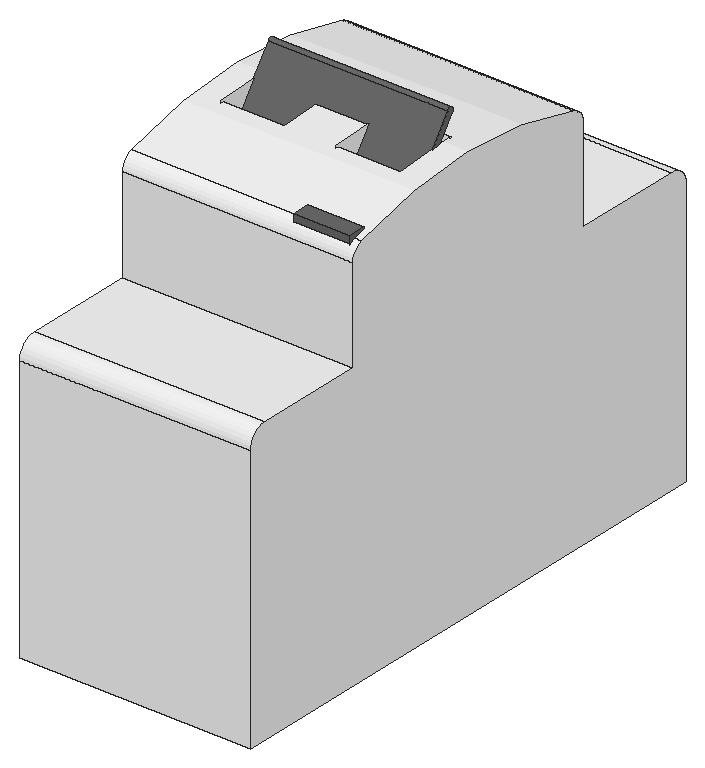
Revit family "Power-ModularDevices-GEWISS-90RCD-MDC45_1PN", category Apparecchi elettrici, host Superficie, Revit 2016
Family settings
  Host = Superficie
  Mantenere orientamento annotazione = Sì
  Tipo di parte = Normale
  Quota connettore circolare = Usa diametro
  Numero OmniClass = 23.80.30.14
  Titolo OmniClass = Power Distribution
  Taglio con vuoti quando caricato = No
  Condiviso = Sì
  Punto di calcolo locali = Sì
Parameters (values of type "GW94220 - COMPACT RCBO 1P+N C32 4.5KA A/0.3 2M")
  Vista di pianta [instance] = yes
  Voltaggio = 230 V
  Version file RFA = "19.0"
  URL = "https://www.gewiss.com/ww/en"
  Type: = "A"
  Type = "A"
  Technical sheet = "https://www.gewiss.com/ww/en/search?q=GW94220"
  Stocking temperature = "-40 +70 °C"
  Standard; = "IEC/EN 61009-1, IEC/EN 61009-2-1"
  Standard = "EN 61009-1"
  Spessore = 150 mm
  Simbolo [instance] = yes
  Section rigid cable = "<=1x35 - <=2x16 - <=1x16+2x10 mm²"
  Section flexible cable = "<=1x35 - <=2x16 - <=1x16+2x10 mm²"
  SEO = "RCCB"
  Realized by GEWISS S.p.A. = ""
  ReStart compatibility = "Yes"
  Rated voltage (EN/IEC 61009-1, 61009-2-1) = "230/240 V"
  Rated voltage = "230V"
  Rated tightening torque = "2 Nm"
  Rated residual operating current = "300 mA"
  Rated insulation voltage (Ui) = "500V"
  Rated impulse withstand voltage = "4KV"
  Rated frequency (Hz) = "50/60 Hz"
  Rated current: = "32A"
  Rated current (In) = "32A"
  Default Elevation = 1219.2 mm
  Produttore = "GEWISS S.p.A."
  Precision = "300 mA"
  Parti incassate = yes
  Overvoltage category = "III"
  Operating temperature = "-25 +40 °C"
  Numero di poli_ = 2
  Number of poles = "1P+N"
  No. of poles = "1P+N"
  No. of modules EN 50022 = "2"
  No. modules = "2"
  Modello = "GW94220"
  Mechanical endurance = "20.000"
  Level of immunity (8/20 Âµs) = "250A"
  Larghezza = 36 mm  # constant formula
  Label = "MDC 45"
  Interuttore = GW - grigio scuro
  Insulation voltage = "500V"
  Immagine tipo = GW94006.jpg
  Idn = "300MA"
  IFC.TypeObject = ""
  IFC.ExportType = ""
  IFC.ExportAs = ""
  IDT = "0516166c-3e97-4141-ac00-fa2d670c4de4"
  IDF = "163920cf-dc9f-4a20-a3cd-6b2e726b1a00"
  Finitura = GW - grigio chiaro
  Electrocod = "1413"
  Electrical endurance = "10000"
  EAN code = "8011564060449"
  Double connection = "YES (only down stream)"
  Distanza orizzontale del simbolo [instance] = 0 mm
  Distanza dal piano [instance] = 3 mm
  Distanza dal muro [instance] = 4.208 mm
  Descrizione = "COMPACT RCBO 1P+N C32 4.5KA A/0.3 2M"
  Description = "RCCB WITH OVERCURRENT PROTECTION"
  Curve = "C"
  Cornice simbolo [instance] = yes
  Catalogue Range = "90 RCD"
  Catalogue = "POWER"
  Carico apparente = 0 VA
  COBie.Tagnumber = ""
  COBie.CreatedOn = ""
  COBie.CreatebBy = ""
  COBie.ComponentRegisterItemID = ""
  COBie.Component.TagNumber = ""
  COBie.Component.Space = ""
  COBie.Component.SerialNumber = ""
  COBie.Component.InstallationDate = ""
  COBie.Component.Description = ""
  COBie.Component.BarCode = ""
  Breaking capacity EN 61009-1 230V (Icn) = "4500A"
  Breaking capacity EN 61009-1 (Ics) = "1 x Icn"
  Breaking capacity EN 60947-2 230V (Icu) = "6KA"
  Breaking capacity EN 60947-2 (Ics) = "100% Icu"
  Auxiliaries compatibility = "Yes"
  Assembly position: = "Any"
  Altezza = 85 mm
Values of the unnamed type that differ from the named types
  Version file RFA = ""
  Stocking temperature = ""
  Standard; = ""
  Standard = ""
  Section rigid cable = ""
  Section flexible cable = ""
  SEO = ""
  ReStart compatibility = ""
  Rated voltage (EN/IEC 61009-1, 61009-2-1) = ""
  Rated voltage = ""
  Rated tightening torque = ""
  Rated insulation voltage (Ui) = ""
  Rated impulse withstand voltage = ""
  Rated frequency (Hz) = ""
  Overvoltage category = ""
  Operating temperature = ""
  Number of poles = ""
  No. of poles = ""
  No. of modules EN 50022 = ""
  No. modules = ""
  Mechanical endurance = ""
  Level of immunity (8/20 Âµs) = ""
  Label = ""
  Insulation voltage = ""
  IDF = ""
  Electrocod = ""
  Electrical endurance = ""
  Double connection = ""
  Description = ""
  Curve = ""
  Catalogue Range = ""
  Catalogue = ""
  Breaking capacity EN 61009-1 230V (Icn) = ""
  Breaking capacity EN 61009-1 (Ics) = ""
  Breaking capacity EN 60947-2 230V (Icu) = ""
  Breaking capacity EN 60947-2 (Ics) = ""
  Auxiliaries compatibility = ""
  Assembly position: = ""
Reference planes
  plane 1 "Centro (Fronte/Retro)": y = 0
  plane 2: z = 0
  plane 3 "Centro (Sinistra/Destra)": x = 0
  plane 4: x = -18
  plane 5: x = 18
  plane 6: y = 42.5
  plane 7: y = -42.5
  plane 8: z = 60
  plane 9 "fori": z = -7
  plane 10: x = 4
  plane 11: x = -4
  plane 12 "scritta": z = 11.951
  plane 13: z = 76.771
  plane 14: y = -24.168
  plane 15: y = -19.765
  plane 16: x = -13.969
  plane 17: x = -5.87
  plane 18: x = 16.787
  plane 19: x = 8.031
  plane 20: z = -51.441
  plane 21: z = 1.622
  plane 22: z = 8.951
  plane 23: z = 14.352
  plane 24: through (0, -3.625, 76.111) normal (0, -0.809, 0.5878)
  plane 25: y = -8.226
  plane 26: y = 1.53
  plane 27: y = -22.5
  plane 28: y = 22.5
  plane 29: x = 14.016
  plane 30: z = 10.64
  plane 31: x = 0
  plane 32: z = -10
Forms (mm)
  Extrusion 1, solid, material "GW - grigio chiaro" <- "Finitura"
    sketch origin (0, 0, 15.559) x (0, 1, 0) y (0, 0, 1)
      loop
        line (39.866, -22.559) -> (22.5, -22.559) -> (22.5, -7.841)
        arc (22.5, -7.841) -> (21.957, -6.404) -> (20.702, -5.517) r 2.623
        arc (20.702, -5.517) -> (-0.001, -2.199) -> (-20.704, -5.517) r 66.237
        arc (-20.704, -5.517) -> (-21.952, -6.396) -> (-22.5, -7.82) r 2.623
        line (-22.5, -7.82) -> (-22.5, -22.559) -> (-39.676, -22.559)
        arc (-39.676, -22.559) -> (-41.673, -23.386) -> (-42.5, -25.383) r 2.824
        line (-42.5, -25.383) -> (-42.5, -67) -> (42.5, -67) -> (42.5, -25.193)
        arc (42.5, -25.193) -> (41.728, -23.33) -> (39.866, -22.559) r 2.634
    from -18 to 18
  Extrusion 2, solid, material "GW - grigio scuro" <- "Interuttore"
    sketch origin (0, 0, 11.951) x (0, -1, 0) y (1, 0, 0)
      loop
        line (21.557, 8.031) -> (21.557, 16.787) -> (18.792, 16.787) -> (18.792, 8.031) -> (21.557, 8.031)
    from -3 to -1.31
  Extrusion 3, void
    sketch origin (0, 0, 11.951) x (0, -1, 0) y (1, 0, 0)
      loop
        line (8.226, -13.969) -> (8.226, -4) -> (-1.53, -4) -> (-1.53, -13.969) -> (8.226, -13.969)
      loop
        line (8.226, 4) -> (8.226, 14.016) -> (-1.53, 14.016) -> (-1.53, 4) -> (8.226, 4)
    from -3 to 2.401
  Extrusion 4, solid, material "GW - grigio scuro" <- "Interuttore"
    sketch origin (0, 0, -67) x (0, 1, 0) y (0, 0, 1)
      loop
        line (-3.741, 75.951) -> (1.868, 83.671)
        arc (1.868, 83.671) -> (1.773, 84.475) -> (0.978, 84.317) r 0.552
        line (0.978, 84.317) -> (-5.101, 75.951) -> (-3.741, 75.951)
    from -13.969 to 14.016
  Extrusion 5, solid, material "GW - grigio scuro" <- "Interuttore", not visible
    sketch origin (-4.72, 0, 0) x (0, 1, 0) y (0, 0, 1)
      loop
        line (-3.741, 75.951) -> (1.868, 83.671)
        arc (1.868, 83.671) -> (1.773, 84.475) -> (0.978, 84.317) r 0.552
        line (0.978, 84.317) -> (-5.101, 75.951) -> (-3.741, 75.951)
    from -13.969 to 14.016
Cuts and joins
  Extrusion 3 cuts Extrusion 1
Lines and regions (mm)
  Masking region 1, visible <- "Vista di pianta"
    outline origin (0, 0, 0) x (1, 0, 0) y (0, 0, 1)
      loop
        line (-18, 14.352) -> (-18, -51.441) -> (18, -51.441) -> (18, 14.352) -> (-18, 14.352)
  Masking region 2
    outline origin (0, 0, 0) x (0, 1, 0) y (0, 0, 1)
      loop
        line (42.5, -51.441) -> (42.5, -9.634)
        arc (42.5, -9.634) -> (41.728, -7.772) -> (39.866, -7) r 2.634
        line (39.866, -7) -> (22.5, -7) -> (22.5, 7.718)
        arc (22.5, 7.718) -> (21.957, 9.155) -> (20.702, 10.041) r 2.623
        arc (20.702, 10.041) -> (-0.001, 13.36) -> (-20.704, 10.041) r 66.237
        arc (-20.704, 10.041) -> (-21.952, 9.163) -> (-22.5, 7.738) r 2.623
        line (-22.5, 7.738) -> (-22.5, -7) -> (-39.676, -7)
        arc (-39.676, -7) -> (-41.673, -7.827) -> (-42.5, -9.824) r 2.824
        line (-42.5, -9.824) -> (-42.5, -51.441) -> (42.5, -51.441)
  model lines, not visible, detail levels medium+fine
    curve 1: circle (9, -31.836, -0.654) r 2.5 normal (0, 0, -1)
    curve 2: circle (-9, -31.836, -0.654) r 2.5 normal (0, 0, -1)
  model lines, detail levels medium+fine
    curve 3: circle (9, 33.75, -7) r 2.5 normal (0, 0, -1)
    curve 4: circle (-9, 33.75, -7) r 2.5 normal (0, 0, -1)
    curve 287: circle (9, -33.75, -7) r 2.5 normal (0, 0, 1)
    curve 288: circle (-9, -33.75, -7) r 2.5 normal (0, 0, 1)
  symbolic lines, style "GW - SCRITTA", detail levels fine
    curve 5: arc (-15.165, -21.823, 11.951) -> (-17.595, -19.39, 11.951) -> (-15.161, -16.962, 11.951) r 2.43
    curve 6: arc (2.833, -21.823, 11.951) -> (4.397, -20.632, 11.951) -> (4.872, -18.725, 11.951) r 2.964
    curve 7: arc (2.546, -16.962, 11.951) -> (3.73, -17.451, 11.951) -> (4.69, -18.298, 11.951) r 3.884
    curve 12: line (-14.125, -18.725, 11.951) -> (-14.125, -21.823, 11.951)
    curve 13: line (-14.125, -16.962, 11.951) -> (-14.125, -18.298, 11.951)
    curve 14: line (-14.125, -18.298, 11.951) -> (-15.887, -18.298, 11.951)
    curve 15: line (-15.887, -18.298, 11.951) -> (-15.887, -20.487, 11.951)
    curve 16: line (-15.458, -20.487, 11.951) -> (-15.458, -18.725, 11.951)
    curve 17: line (-15.458, -18.725, 11.951) -> (-14.125, -18.725, 11.951)
    curve 18: line (-9.932, -21.823, 11.951) -> (-13.697, -21.823, 11.951)
    curve 19: line (-13.697, -21.823, 11.951) -> (-13.697, -16.962, 11.951)
    curve 20: line (-13.697, -16.962, 11.951) -> (-11.694, -16.962, 11.951)
    curve 21: line (-11.694, -16.962, 11.951) -> (-11.694, -18.297, 11.951)
    curve 22: line (-12.363, -18.724, 11.951) -> (-9.932, -18.724, 11.951)
    curve 23: line (-9.932, -18.724, 11.951) -> (-9.932, -20.06, 11.951)
    curve 24: line (-9.932, -20.06, 11.951) -> (-12.362, -20.06, 11.951)
    curve 25: line (-12.362, -20.487, 11.951) -> (-9.932, -20.487, 11.951)
    curve 26: line (-9.932, -20.487, 11.951) -> (-9.932, -21.823, 11.951)
    curve 27: line (-3.122, -21.823, 11.951) -> (-3.122, -18.725, 11.951)
    curve 28: line (-3.122, -18.725, 11.951) -> (-4.457, -18.725, 11.951)
    curve 29: line (-4.457, -18.725, 11.951) -> (-4.457, -21.823, 11.951)
    curve 30: line (-4.457, -21.823, 11.951) -> (-3.122, -21.823, 11.951)
    curve 31: line (-7.595, -21.823, 11.951) -> (-7.195, -19.82, 11.951)
    curve 32: line (-7.195, -19.82, 11.951) -> (-6.794, -21.823, 11.951)
    curve 33: line (-6.794, -21.823, 11.951) -> (-5.459, -21.823, 11.951)
    curve 34: line (-5.459, -21.823, 11.951) -> (-4.631, -18.298, 11.951)
    curve 35: line (-4.631, -18.298, 11.951) -> (-3.122, -18.298, 11.951)
    curve 36: line (-3.122, -18.298, 11.951) -> (-3.122, -16.962, 11.951)
    curve 37: line (-3.122, -16.962, 11.951) -> (-5.686, -16.962, 11.951)
    curve 38: line (-5.686, -16.962, 11.951) -> (-6.166, -19.018, 11.951)
    curve 39: line (-6.166, -19.018, 11.951) -> (-6.5, -16.962, 11.951)
    curve 40: line (-6.5, -16.962, 11.951) -> (-7.889, -16.962, 11.951)
    curve 41: line (-7.889, -16.962, 11.951) -> (-8.223, -19.018, 11.951)
    curve 42: line (-8.223, -19.018, 11.951) -> (-8.703, -16.962, 11.951)
    curve 43: line (-8.703, -16.962, 11.951) -> (-11.267, -16.962, 11.951)
    curve 44: line (-11.267, -16.962, 11.951) -> (-11.267, -18.298, 11.951)
    curve 45: line (-11.267, -18.298, 11.951) -> (-9.758, -18.298, 11.951)
    curve 46: line (-9.758, -18.298, 11.951) -> (-8.932, -21.823, 11.951)
    curve 47: line (-8.932, -21.823, 11.951) -> (-7.595, -21.823, 11.951)
    curve 48: line (1.071, -16.962, 11.951) -> (-2.695, -16.962, 11.951)
    curve 49: line (-2.695, -16.962, 11.951) -> (-2.695, -20.06, 11.951)
    curve 50: line (-2.695, -20.06, 11.951) -> (-0.265, -20.06, 11.951)
    curve 51: line (-0.265, -20.487, 11.951) -> (-2.695, -20.487, 11.951)
    curve 52: line (-2.695, -20.487, 11.951) -> (-2.695, -21.823, 11.951)
    curve 53: line (-2.695, -21.823, 11.951) -> (1.071, -21.823, 11.951)
    curve 54: line (1.071, -21.823, 11.951) -> (1.071, -18.725, 11.951)
    curve 55: line (1.071, -18.725, 11.951) -> (-1.359, -18.725, 11.951)
    curve 56: line (-1.359, -18.298, 11.951) -> (1.071, -18.298, 11.951)
    curve 57: line (1.071, -18.298, 11.951) -> (1.071, -16.962, 11.951)
    curve 58: line (1.498, -16.962, 11.951) -> (1.498, -20.06, 11.951)
    curve 59: line (1.498, -20.06, 11.951) -> (3.764, -20.06, 11.951)
    curve 60: line (3.764, -20.487, 11.951) -> (1.498, -20.487, 11.951)
    curve 61: line (1.498, -20.487, 11.951) -> (1.498, -21.823, 11.951)
    curve 62: line (1.498, -21.823, 11.951) -> (2.833, -21.823, 11.951)
    curve 135: line (-15.161, -16.962, 11.951) -> (-14.125, -16.962, 11.951)
    curve 136: line (-15.165, -21.823, 11.951) -> (-14.125, -21.823, 11.951)
    curve 137: line (-15.887, -20.487, 11.951) -> (-15.458, -20.487, 11.951)
    curve 138: line (-11.694, -18.297, 11.951) -> (-12.363, -18.297, 11.951)
    curve 139: line (-12.363, -18.724, 11.951) -> (-12.363, -18.297, 11.951)
    curve 140: line (-12.362, -20.487, 11.951) -> (-12.362, -20.06, 11.951)
    curve 141: line (-1.359, -18.725, 11.951) -> (-1.359, -18.298, 11.951)
    curve 142: line (-0.265, -20.06, 11.951) -> (-0.265, -20.487, 11.951)
    curve 143: line (1.498, -16.962, 11.951) -> (2.546, -16.962, 11.951)
  symbolic lines, style "GW - SCRITTA", detail levels medium+fine
    curve 8: line (8.031, -21.557, 11.951) -> (8.031, -18.792, 11.951)
    curve 9: line (8.031, -18.792, 11.951) -> (16.787, -18.792, 11.951)
    curve 10: line (16.787, -18.792, 11.951) -> (16.787, -21.557, 11.951)
    curve 11: line (16.787, -21.557, 11.951) -> (8.031, -21.557, 11.951)
    curve 67: line (-17.749, 1.53, 11.951) -> (17.796, 1.53, 11.951)
    curve 68: line (-13.969, -8.226, 11.951) -> (-13.969, 1.53, 11.951)
    curve 69: line (-3.984, -2.97, 11.951) -> (-13.969, -2.97, 11.951)
    curve 70: line (-3.984, -4.97, 11.951) -> (-13.969, -4.97, 11.951)
    curve 71: line (-3.984, 1.53, 11.951) -> (-3.984, -8.226, 11.951)
    curve 73: line (4.031, -8.226, 11.951) -> (4.031, 1.53, 11.951)
    curve 75: line (14.016, -2.97, 11.951) -> (4.031, -2.97, 11.951)
    curve 76: line (14.016, -4.97, 11.951) -> (4.031, -4.97, 11.951)
    curve 77: line (14.016, 1.53, 11.951) -> (14.016, -8.226, 11.951)
  symbolic lines, style "PLANIMETRIA", detail levels fine
    curve 63: line (4.872, -18.725, 11.951) -> (2.833, -18.725, 11.951)
    curve 64: line (2.833, -18.298, 11.951) -> (4.69, -18.298, 11.951)
  symbolic lines, style "GW - SCRITTA"
    curve 65: line (-18, 22.5, 11.951) -> (18, 22.5, 11.951)
    curve 66: line (-18, -13.226, 11.951) -> (18, -13.226, 11.951)
    curve 74: line (-18, -8.226, 11.951) -> (18, -8.226, 11.951)
    curve 130: line (-18, 11.03, 11.951) -> (18, 11.03, 11.951)
  symbolic lines, style "PLANIMETRIA"
    curve 72: line (-18, -22.5, 11.951) -> (18, -22.5, 11.951)
    curve 132: line (-18, 22.5, 11.951) -> (-18, -22.5, 11.951)
    curve 133: line (18, -22.5, 11.951) -> (18, 22.5, 11.951)
  symbolic lines, style "GW - SCRITTA", visible <- "Parti incassate"
    curve 78: line (18, -42.5, 11.951) -> (18, -22.5, 11.951)
    curve 79: line (18, 42.5, 11.951) -> (-18, 42.5, 11.951)
    curve 80: line (-18, 42.5, 11.951) -> (-18, 22.5, 11.951)
    curve 81: line (-18, -42.5, 11.951) -> (18, -42.5, 11.951)
    curve 131: line (18, 22.5, 11.951) -> (18, 42.5, 11.951)
    curve 134: line (-18, -22.5, 11.951) -> (-18, -42.5, 11.951)
  symbolic lines, style "GW - SCRITTA", visible <- "Parti incassate", detail levels fine
    curve 82: line (-9, 31.163, 11.951) -> (-10.293, 31.51, 11.951)
    curve 83: line (-10.293, 31.51, 11.951) -> (-11.24, 32.457, 11.951)
    curve 84: line (-11.24, 32.457, 11.951) -> (-11.587, 33.75, 11.951)
    curve 85: line (-11.587, 33.75, 11.951) -> (-11.24, 35.043, 11.951)
    curve 86: line (-11.24, 35.043, 11.951) -> (-10.293, 35.99, 11.951)
    curve 87: line (-10.293, 35.99, 11.951) -> (-9, 36.337, 11.951)
    curve 88: line (-9, 36.337, 11.951) -> (-7.707, 35.99, 11.951)
    curve 89: line (-7.707, 35.99, 11.951) -> (-6.76, 35.043, 11.951)
    curve 90: line (-6.76, 35.043, 11.951) -> (-6.413, 33.75, 11.951)
    curve 91: line (-6.413, 33.75, 11.951) -> (-6.76, 32.457, 11.951)
    curve 92: line (-6.76, 32.457, 11.951) -> (-7.707, 31.51, 11.951)
    curve 93: line (-7.707, 31.51, 11.951) -> (-9, 31.163, 11.951)
    curve 94: line (-9, -36.337, 11.951) -> (-10.293, -35.99, 11.951)
    curve 95: line (-10.293, -35.99, 11.951) -> (-11.24, -35.043, 11.951)
    curve 96: line (-11.24, -35.043, 11.951) -> (-11.587, -33.75, 11.951)
    curve 97: line (-11.587, -33.75, 11.951) -> (-11.24, -32.457, 11.951)
    curve 98: line (-11.24, -32.457, 11.951) -> (-10.293, -31.51, 11.951)
    curve 99: line (-10.293, -31.51, 11.951) -> (-9, -31.163, 11.951)
    curve 100: line (-9, -31.163, 11.951) -> (-7.707, -31.51, 11.951)
    curve 101: line (-7.707, -31.51, 11.951) -> (-6.76, -32.457, 11.951)
    curve 102: line (-6.76, -32.457, 11.951) -> (-6.413, -33.75, 11.951)
    curve 103: line (-6.413, -33.75, 11.951) -> (-6.76, -35.043, 11.951)
    curve 104: line (-6.76, -35.043, 11.951) -> (-7.707, -35.99, 11.951)
    curve 105: line (-7.707, -35.99, 11.951) -> (-9, -36.337, 11.951)
    curve 106: line (9, 31.163, 11.951) -> (10.293, 31.51, 11.951)
    curve 107: line (10.293, 31.51, 11.951) -> (11.24, 32.457, 11.951)
    curve 108: line (11.24, 32.457, 11.951) -> (11.587, 33.75, 11.951)
    curve 109: line (11.587, 33.75, 11.951) -> (11.24, 35.043, 11.951)
    curve 110: line (11.24, 35.043, 11.951) -> (10.293, 35.99, 11.951)
    curve 111: line (10.293, 35.99, 11.951) -> (9, 36.337, 11.951)
    curve 112: line (9, 36.337, 11.951) -> (7.707, 35.99, 11.951)
    curve 113: line (7.707, 35.99, 11.951) -> (6.76, 35.043, 11.951)
    curve 114: line (6.76, 35.043, 11.951) -> (6.413, 33.75, 11.951)
    curve 115: line (6.413, 33.75, 11.951) -> (6.76, 32.457, 11.951)
    curve 116: line (6.76, 32.457, 11.951) -> (7.707, 31.51, 11.951)
    curve 117: line (7.707, 31.51, 11.951) -> (9, 31.163, 11.951)
    curve 118: line (9, -36.337, 11.951) -> (10.293, -35.99, 11.951)
    curve 119: line (10.293, -35.99, 11.951) -> (11.24, -35.043, 11.951)
    curve 120: line (11.24, -35.043, 11.951) -> (11.587, -33.75, 11.951)
    curve 121: line (11.587, -33.75, 11.951) -> (11.24, -32.457, 11.951)
    curve 122: line (11.24, -32.457, 11.951) -> (10.293, -31.51, 11.951)
    curve 123: line (10.293, -31.51, 11.951) -> (9, -31.163, 11.951)
    curve 124: line (9, -31.163, 11.951) -> (7.707, -31.51, 11.951)
    curve 125: line (7.707, -31.51, 11.951) -> (6.76, -32.457, 11.951)
    curve 126: line (6.76, -32.457, 11.951) -> (6.413, -33.75, 11.951)
    curve 127: line (6.413, -33.75, 11.951) -> (6.76, -35.043, 11.951)
    curve 128: line (6.76, -35.043, 11.951) -> (7.707, -35.99, 11.951)
    curve 129: line (7.707, -35.99, 11.951) -> (9, -36.337, 11.951)
  symbolic lines, style "InvisibleLines", detail levels fine
    curve 144: line (2.833, -18.298, 11.951) -> (2.833, -18.725, 11.951)
    curve 145: line (3.764, -20.06, 11.951) -> (3.764, -20.487, 11.951)
  symbolic lines, style "GW - SCRITTA", not visible, detail levels fine
    curve 146: arc (84.635, 64.706, 11.951) -> (82.205, 67.138, 11.951) -> (84.639, 69.566, 11.951) r 2.43
    curve 147: arc (102.633, 64.706, 11.951) -> (104.197, 65.897, 11.951) -> (104.672, 67.804, 11.951) r 2.964
    curve 148: arc (102.346, 69.566, 11.951) -> (103.53, 69.078, 11.951) -> (104.49, 68.231, 11.951) r 3.884
    curve 153: line (85.675, 67.804, 11.951) -> (85.675, 64.706, 11.951)
    curve 154: line (85.675, 69.566, 11.951) -> (85.675, 68.231, 11.951)
    curve 155: line (85.675, 68.231, 11.951) -> (83.913, 68.231, 11.951)
    curve 156: line (83.913, 68.231, 11.951) -> (83.913, 66.041, 11.951)
    curve 157: line (84.342, 66.041, 11.951) -> (84.342, 67.804, 11.951)
    curve 158: line (84.342, 67.804, 11.951) -> (85.675, 67.804, 11.951)
    curve 159: line (89.868, 64.706, 11.951) -> (86.103, 64.706, 11.951)
    curve 160: line (86.103, 64.706, 11.951) -> (86.103, 69.566, 11.951)
    curve 161: line (86.103, 69.566, 11.951) -> (88.106, 69.566, 11.951)
    curve 162: line (88.106, 69.566, 11.951) -> (88.106, 68.231, 11.951)
    curve 163: line (87.437, 67.804, 11.951) -> (89.868, 67.804, 11.951)
    curve 164: line (89.868, 67.804, 11.951) -> (89.868, 66.468, 11.951)
    curve 165: line (89.868, 66.468, 11.951) -> (87.438, 66.468, 11.951)
    curve 166: line (87.438, 66.041, 11.951) -> (89.868, 66.041, 11.951)
    curve 167: line (89.868, 66.041, 11.951) -> (89.868, 64.706, 11.951)
    curve 168: line (96.678, 64.706, 11.951) -> (96.678, 67.804, 11.951)
    curve 169: line (96.678, 67.804, 11.951) -> (95.343, 67.804, 11.951)
    curve 170: line (95.343, 67.804, 11.951) -> (95.343, 64.706, 11.951)
    curve 171: line (95.343, 64.706, 11.951) -> (96.678, 64.706, 11.951)
    curve 172: line (92.205, 64.706, 11.951) -> (92.605, 66.709, 11.951)
    curve 173: line (92.605, 66.709, 11.951) -> (93.006, 64.706, 11.951)
    curve 174: line (93.006, 64.706, 11.951) -> (94.341, 64.706, 11.951)
    curve 175: line (94.341, 64.706, 11.951) -> (95.169, 68.231, 11.951)
    curve 176: line (95.169, 68.231, 11.951) -> (96.678, 68.231, 11.951)
    curve 177: line (96.678, 68.231, 11.951) -> (96.678, 69.566, 11.951)
    curve 178: line (96.678, 69.566, 11.951) -> (94.114, 69.566, 11.951)
    curve 179: line (94.114, 69.566, 11.951) -> (93.634, 67.51, 11.951)
    curve 180: line (93.634, 67.51, 11.951) -> (93.3, 69.566, 11.951)
    curve 181: line (93.3, 69.566, 11.951) -> (91.911, 69.566, 11.951)
    curve 182: line (91.911, 69.566, 11.951) -> (91.577, 67.51, 11.951)
    curve 183: line (91.577, 67.51, 11.951) -> (91.097, 69.566, 11.951)
    curve 184: line (91.097, 69.566, 11.951) -> (88.533, 69.566, 11.951)
    curve 185: line (88.533, 69.566, 11.951) -> (88.533, 68.231, 11.951)
    curve 186: line (88.533, 68.231, 11.951) -> (90.042, 68.231, 11.951)
    curve 187: line (90.042, 68.231, 11.951) -> (90.868, 64.706, 11.951)
    curve 188: line (90.868, 64.706, 11.951) -> (92.205, 64.706, 11.951)
    curve 189: line (100.871, 69.566, 11.951) -> (97.105, 69.566, 11.951)
    curve 190: line (97.105, 69.566, 11.951) -> (97.105, 66.469, 11.951)
    curve 191: line (97.105, 66.469, 11.951) -> (99.535, 66.469, 11.951)
    curve 192: line (99.535, 66.041, 11.951) -> (97.105, 66.041, 11.951)
    curve 193: line (97.105, 66.041, 11.951) -> (97.105, 64.706, 11.951)
    curve 194: line (97.105, 64.706, 11.951) -> (100.871, 64.706, 11.951)
    curve 195: line (100.871, 64.706, 11.951) -> (100.871, 67.804, 11.951)
    curve 196: line (100.871, 67.804, 11.951) -> (98.441, 67.804, 11.951)
    curve 197: line (98.441, 68.231, 11.951) -> (100.871, 68.231, 11.951)
    curve 198: line (100.871, 68.231, 11.951) -> (100.871, 69.566, 11.951)
    curve 199: line (101.298, 69.566, 11.951) -> (101.298, 66.469, 11.951)
    curve 200: line (101.298, 66.469, 11.951) -> (103.564, 66.469, 11.951)
    curve 201: line (103.564, 66.041, 11.951) -> (101.298, 66.041, 11.951)
    curve 202: line (101.298, 66.041, 11.951) -> (101.298, 64.706, 11.951)
    curve 203: line (101.298, 64.706, 11.951) -> (102.633, 64.706, 11.951)
    curve 276: line (84.639, 69.566, 11.951) -> (85.675, 69.566, 11.951)
    curve 277: line (84.635, 64.706, 11.951) -> (85.675, 64.706, 11.951)
    curve 278: line (83.913, 66.041, 11.951) -> (84.342, 66.041, 11.951)
    curve 279: line (88.106, 68.231, 11.951) -> (87.437, 68.231, 11.951)
    curve 280: line (87.437, 67.804, 11.951) -> (87.437, 68.231, 11.951)
    curve 281: line (87.438, 66.041, 11.951) -> (87.438, 66.468, 11.951)
    curve 282: line (98.441, 67.804, 11.951) -> (98.441, 68.231, 11.951)
    curve 283: line (99.535, 66.469, 11.951) -> (99.535, 66.041, 11.951)
    curve 284: line (101.298, 69.566, 11.951) -> (102.346, 69.566, 11.951)
  symbolic lines, style "GW - SCRITTA", not visible, detail levels medium+fine
    curve 149: line (107.831, 64.972, 11.951) -> (107.831, 67.737, 11.951)
    curve 150: line (107.831, 67.737, 11.951) -> (116.587, 67.737, 11.951)
    curve 151: line (116.587, 67.737, 11.951) -> (116.587, 64.972, 11.951)
    curve 152: line (116.587, 64.972, 11.951) -> (107.831, 64.972, 11.951)
    curve 208: line (82.051, 88.058, 11.951) -> (117.596, 88.058, 11.951)
    curve 209: line (85.832, 78.303, 11.951) -> (85.832, 88.058, 11.951)
    curve 210: line (95.816, 83.558, 11.951) -> (85.832, 83.558, 11.951)
    curve 211: line (95.816, 81.558, 11.951) -> (85.832, 81.558, 11.951)
    curve 212: line (95.816, 88.058, 11.951) -> (95.816, 78.303, 11.951)
    curve 214: line (103.832, 78.303, 11.951) -> (103.832, 88.058, 11.951)
    curve 216: line (113.816, 83.558, 11.951) -> (103.832, 83.558, 11.951)
    curve 217: line (113.816, 81.558, 11.951) -> (103.832, 81.558, 11.951)
    curve 218: line (113.816, 88.058, 11.951) -> (113.816, 78.303, 11.951)
  symbolic lines, style "PLANIMETRIA", not visible, detail levels fine
    curve 204: line (104.672, 67.804, 11.951) -> (102.633, 67.804, 11.951)
    curve 205: line (102.633, 68.231, 11.951) -> (104.49, 68.231, 11.951)
  symbolic lines, style "GW - SCRITTA", not visible
    curve 206: line (81.8, 109.029, 11.951) -> (117.8, 109.029, 11.951)
    curve 207: line (81.8, 73.303, 11.951) -> (117.8, 73.303, 11.951)
    curve 215: line (81.8, 78.303, 11.951) -> (117.8, 78.303, 11.951)
    curve 271: line (81.8, 97.558, 11.951) -> (117.8, 97.558, 11.951)
  symbolic lines, style "PLANIMETRIA", not visible
    curve 213: line (81.8, 64.029, 11.951) -> (117.8, 64.029, 11.951)
    curve 273: line (81.8, 109.029, 11.951) -> (81.8, 64.029, 11.951)
    curve 274: line (117.8, 64.029, 11.951) -> (117.8, 109.029, 11.951)
  symbolic lines, style "GW - SCRITTA", visible <- "Parti incassate", not visible
    curve 219: line (117.8, 44.029, 11.951) -> (117.8, 64.029, 11.951)
    curve 220: line (117.8, 129.029, 11.951) -> (81.8, 129.029, 11.951)
    curve 221: line (81.8, 129.029, 11.951) -> (81.8, 109.029, 11.951)
    curve 222: line (81.8, 44.029, 11.951) -> (117.8, 44.029, 11.951)
    curve 272: line (117.8, 109.029, 11.951) -> (117.8, 129.029, 11.951)
    curve 275: line (81.8, 64.029, 11.951) -> (81.8, 44.029, 11.951)
  symbolic lines, style "GW - SCRITTA", visible <- "Parti incassate", not visible, detail levels fine
    curve 223: line (90.8, 117.692, 11.951) -> (89.507, 118.038, 11.951)
    curve 224: line (89.507, 118.038, 11.951) -> (88.56, 118.985, 11.951)
    curve 225: line (88.56, 118.985, 11.951) -> (88.213, 120.279, 11.951)
    curve 226: line (88.213, 120.279, 11.951) -> (88.56, 121.572, 11.951)
    curve 227: line (88.56, 121.572, 11.951) -> (89.507, 122.519, 11.951)
    curve 228: line (89.507, 122.519, 11.951) -> (90.8, 122.865, 11.951)
    curve 229: line (90.8, 122.865, 11.951) -> (92.093, 122.519, 11.951)
    curve 230: line (92.093, 122.519, 11.951) -> (93.04, 121.572, 11.951)
    curve 231: line (93.04, 121.572, 11.951) -> (93.387, 120.279, 11.951)
    curve 232: line (93.387, 120.279, 11.951) -> (93.04, 118.985, 11.951)
    curve 233: line (93.04, 118.985, 11.951) -> (92.093, 118.038, 11.951)
    curve 234: line (92.093, 118.038, 11.951) -> (90.8, 117.692, 11.951)
    curve 235: line (90.8, 50.192, 11.951) -> (89.507, 50.538, 11.951)
    curve 236: line (89.507, 50.538, 11.951) -> (88.56, 51.485, 11.951)
    curve 237: line (88.56, 51.485, 11.951) -> (88.213, 52.779, 11.951)
    curve 238: line (88.213, 52.779, 11.951) -> (88.56, 54.072, 11.951)
    curve 239: line (88.56, 54.072, 11.951) -> (89.507, 55.019, 11.951)
    curve 240: line (89.507, 55.019, 11.951) -> (90.8, 55.365, 11.951)
    curve 241: line (90.8, 55.365, 11.951) -> (92.093, 55.019, 11.951)
    curve 242: line (92.093, 55.019, 11.951) -> (93.04, 54.072, 11.951)
    curve 243: line (93.04, 54.072, 11.951) -> (93.387, 52.779, 11.951)
    curve 244: line (93.387, 52.779, 11.951) -> (93.04, 51.485, 11.951)
    curve 245: line (93.04, 51.485, 11.951) -> (92.093, 50.538, 11.951)
    curve 246: line (92.093, 50.538, 11.951) -> (90.8, 50.192, 11.951)
    curve 247: line (108.8, 117.692, 11.951) -> (110.093, 118.038, 11.951)
    curve 248: line (110.093, 118.038, 11.951) -> (111.04, 118.985, 11.951)
    curve 249: line (111.04, 118.985, 11.951) -> (111.387, 120.279, 11.951)
    curve 250: line (111.387, 120.279, 11.951) -> (111.04, 121.572, 11.951)
    curve 251: line (111.04, 121.572, 11.951) -> (110.093, 122.519, 11.951)
    curve 252: line (110.093, 122.519, 11.951) -> (108.8, 122.865, 11.951)
    curve 253: line (108.8, 122.865, 11.951) -> (107.507, 122.519, 11.951)
    curve 254: line (107.507, 122.519, 11.951) -> (106.56, 121.572, 11.951)
    curve 255: line (106.56, 121.572, 11.951) -> (106.213, 120.279, 11.951)
    curve 256: line (106.213, 120.279, 11.951) -> (106.56, 118.985, 11.951)
    curve 257: line (106.56, 118.985, 11.951) -> (107.507, 118.038, 11.951)
    curve 258: line (107.507, 118.038, 11.951) -> (108.8, 117.692, 11.951)
    curve 259: line (108.8, 50.192, 11.951) -> (110.093, 50.538, 11.951)
    curve 260: line (110.093, 50.538, 11.951) -> (111.04, 51.485, 11.951)
    curve 261: line (111.04, 51.485, 11.951) -> (111.387, 52.779, 11.951)
    curve 262: line (111.387, 52.779, 11.951) -> (111.04, 54.072, 11.951)
    curve 263: line (111.04, 54.072, 11.951) -> (110.093, 55.019, 11.951)
    curve 264: line (110.093, 55.019, 11.951) -> (108.8, 55.365, 11.951)
    curve 265: line (108.8, 55.365, 11.951) -> (107.507, 55.019, 11.951)
    curve 266: line (107.507, 55.019, 11.951) -> (106.56, 54.072, 11.951)
    curve 267: line (106.56, 54.072, 11.951) -> (106.213, 52.779, 11.951)
    curve 268: line (106.213, 52.779, 11.951) -> (106.56, 51.485, 11.951)
    curve 269: line (106.56, 51.485, 11.951) -> (107.507, 50.538, 11.951)
    curve 270: line (107.507, 50.538, 11.951) -> (108.8, 50.192, 11.951)
  symbolic lines, style "InvisibleLines", not visible, detail levels fine
    curve 285: line (102.633, 68.231, 11.951) -> (102.633, 67.804, 11.951)
    curve 286: line (103.564, 66.469, 11.951) -> (103.564, 66.041, 11.951)
Dimensions and locks
  equal spacing: plane 6, plane 1 "Centro (Fronte/Retro)", plane 7
  equal spacing: plane 4, plane 3 "Centro (Sinistra/Destra)", plane 5
  "Larghezza": plane 4 to plane 5
  "Altezza": plane 6 to plane 7
  plane 7 to plane 6 = 85 mm
  locked: plane 20 to plane 9 "fori" at 44.441
  "Distanza dal piano": plane 9 "fori" to plane 32
  locked: plane 9 "fori" to plane 21 at 8.622
  locked: plane 22 to plane 21 at 7.329
  locked: plane 23 to plane 22 at 5.401
  locked: plane 12 "scritta" to plane 22 at 3
  locked: plane 1 "Centro (Fronte/Retro)" to plane 26 at 1.53
  locked: plane 25 to plane 1 "Centro (Fronte/Retro)" at 8.226
  plane 3 "Centro (Sinistra/Destra)" to Extrusion 3 = 4 mm
  locked: plane 28 to plane 27 at 45
  plane 27 to plane 28 = 45 mm
  locked: plane 12 "scritta" to plane 30 at 1.31
  "Distanza orizzontale del simbolo": plane 3 "Centro (Sinistra/Destra)" to plane 31
  locked: plane 2 to plane 32 at 10
  aligned and locked: plane 2 to host face
  aligned and locked: level to host face
  aligned and locked: Extrusion 1 to plane 4
  aligned and locked: plane 5 to Extrusion 1
  aligned and locked: Extrusion 1 to plane 9 "fori"  (x2)
  aligned and locked: plane 20 to Extrusion 1
  aligned and locked: Extrusion 2 sketch curve to plane 19
  aligned and locked: plane 18 to Extrusion 2 sketch curve
  aligned and locked: Extrusion 2 to plane 22
  aligned and locked: Extrusion 3 sketch curve to plane 25  (x2)
  aligned and locked: plane 16 to Extrusion 3 sketch curve
  aligned and locked: plane 26 to Extrusion 3 sketch curve  (x2)
  aligned and locked: Extrusion 3 to plane 22
  aligned and locked: plane 23 to Extrusion 3
  aligned and locked: Extrusion 4 to plane 22
  aligned and locked: curve 132 to plane 4
  aligned and locked: Masking region 1 sketch curve to plane 23
  aligned and locked: plane 4 to Masking region 1 sketch curve
  aligned and locked: Masking region 1 sketch curve to cut or joined group of Extrusion 1, Extrusion 3  (x2)
  aligned and locked: plane 28 to curve 65
  aligned and locked: Extrusion 1 sketch curve to plane 27
  aligned and locked: plane 28 to Extrusion 1 sketch curve
  aligned and locked: Masking region 2 sketch curve to cut or joined group of Extrusion 1, Extrusion 3  (x8)
  aligned and locked: plane 19 to curve 8
  aligned and locked: plane 16 to curve 68
  aligned and locked: Extrusion 4 to plane 16
  aligned and locked: plane 29 to curve 77
  aligned and locked: Extrusion 4 to curve 75
  aligned and locked: plane 11 to Extrusion 3 sketch curve
  aligned and locked: Extrusion 3 sketch curve to plane 10
  aligned and locked: Extrusion 3 sketch curve to plane 29
  aligned and locked: Extrusion 2 sketch curve to curve 11
  aligned and locked: Extrusion 2 sketch curve to curve 9
  aligned and locked: plane 30 to Extrusion 2
  aligned and locked: plane 31 to nested 1
  aligned and locked: curve 3 to plane 9 "fori"
Automatic sketch dimensions
  host sketch curve to host sketch curve = 2438.4 mm  (x2)
  Extrusion 1 sketch curve to plane 7 = 0 mm
  plane 9 "fori" to Extrusion 1 sketch curve = 0 mm  (x2)
  Extrusion 1 sketch curve to plane 6 = 0 mm
  plane 20 to Extrusion 1 sketch curve = 0 mm
  plane 7 to Extrusion 1 sketch curve = 2.824 mm
  Extrusion 1 sketch curve to plane 15 = 0.119 mm
  plane 1 "Centro (Fronte/Retro)" to Extrusion 1 sketch curve = 0.001 mm
  plane 21 to Extrusion 1 sketch curve = 5.928 mm  (x2)
  Extrusion 1 sketch curve to Extrusion 1 sketch curve = 2.617 mm
  Extrusion 1 sketch curve to Extrusion 1 sketch curve = 2.634 mm
  plane 20 to Extrusion 1 sketch curve = 1.436 mm
  Extrusion 1 sketch curve to Extrusion 1 sketch curve = 0.168 mm
  Extrusion 1 sketch curve to Extrusion 1 sketch curve = 0.188 mm
  Extrusion 1 sketch curve to Extrusion 1 sketch curve = 0 mm
  Extrusion 4 sketch curve to Extrusion 4 sketch curve = 1.36 mm
  Extrusion 4 sketch curve to Extrusion 4 sketch curve = 0.47 mm
  Extrusion 4 sketch curve to Extrusion 4 sketch curve = 0.358 mm
  Extrusion 4 sketch curve to Extrusion 4 sketch curve = 4.719 mm
  Extrusion 4 sketch curve to Extrusion 4 sketch curve = 0.419 mm
  Extrusion 4 sketch curve to Extrusion 4 sketch curve = 7.72 mm
  Extrusion 5 sketch curve to Extrusion 5 sketch curve = 1.36 mm
  Extrusion 5 sketch curve to Extrusion 5 sketch curve = 0.47 mm
  Extrusion 5 sketch curve to Extrusion 5 sketch curve = 0.358 mm
  Extrusion 5 sketch curve to Extrusion 5 sketch curve = 4.719 mm
  Extrusion 5 sketch curve to Extrusion 5 sketch curve = 0.419 mm
  Extrusion 5 sketch curve to Extrusion 5 sketch curve = 7.72 mm
  plane 7 to Masking region 2 sketch curve = 2.824 mm
  Masking region 2 sketch curve to plane 15 = 0.119 mm
  Masking region 2 sketch curve to plane 28 = 2.617 mm
  Masking region 2 sketch curve to Masking region 2 sketch curve = 2.634 mm
  Masking region 2 sketch curve to plane 22 = 1.401 mm
  Masking region 2 sketch curve to plane 22 = 1.233 mm
  Masking region 2 sketch curve to plane 22 = 1.212 mm
  Masking region 2 sketch curve to Masking region 2 sketch curve = 0 mm
  curve 288 to curve 287 = 0 mm
  curve 288 to curve 287 = 18 mm
  curve 2 to curve 1 = 0 mm
  curve 2 to curve 1 = 18 mm
  curve 4 to curve 3 = 0 mm
  curve 4 to curve 3 = 18 mm
  curve 79 to curve 111 = 6.163 mm
  curve 79 to curve 88 = 6.163 mm
  curve 111 to curve 110 = 0.347 mm
  curve 87 to curve 88 = 0.347 mm
  curve 87 to curve 87 = 0.347 mm
  curve 111 to curve 112 = 0.347 mm
  curve 86 to curve 85 = 0.947 mm
  curve 88 to curve 90 = 0.947 mm
  curve 110 to curve 109 = 0.947 mm
  curve 112 to curve 113 = 0.947 mm
  curve 89 to curve 90 = 1.293 mm
  curve 113 to curve 115 = 1.293 mm
  curve 85 to curve 84 = 1.293 mm
  curve 109 to curve 108 = 1.293 mm
  curve 108 to curve 108 = 1.293 mm
  curve 84 to curve 84 = 1.293 mm
  curve 114 to curve 115 = 1.293 mm
  curve 90 to curve 92 = 1.293 mm
  curve 91 to curve 92 = 0.947 mm
  curve 115 to curve 117 = 0.947 mm
  curve 83 to curve 82 = 0.947 mm  (x2)
  curve 107 to curve 106 = 0.947 mm
  curve 106 to curve 106 = 0.347 mm
  curve 92 to curve 82 = 0.347 mm
  curve 106 to curve 65 = 9.01 mm
  curve 71 to curve 38 = 18.492 mm
  curve 36 to curve 143 = 0 mm
  curve 36 to curve 49 = 0 mm
  curve 135 to curve 37 = 0 mm
  curve 13 to curve 44 = 0 mm
  curve 13 to curve 19 = 0 mm
  curve 42 to curve 41 = 0 mm
  curve 20 to curve 139 = 1.335 mm
  curve 7 to curve 64 = 1.335 mm
  curve 36 to curve 35 = 1.335 mm
  curve 42 to curve 45 = 1.335 mm
  curve 13 to curve 13 = 1.335 mm
  curve 35 to curve 141 = 0 mm
  curve 45 to curve 22 = 0.427 mm
  curve 64 to curve 144 = 0.427 mm
  curve 34 to curve 28 = 0.427 mm
  curve 56 to curve 141 = 0.427 mm
  curve 13 to curve 12 = 0.428 mm
  curve 6 to curve 9 = 0.067 mm
  curve 54 to curve 6 = 0.278 mm
  curve 34 to curve 39 = 0.721 mm
  curve 45 to curve 41 = 0.721 mm
  curve 16 to curve 5 = 0.667 mm
  curve 41 to curve 32 = 0.801 mm
  curve 63 to curve 145 = 1.335 mm
  curve 27 to curve 49 = 1.335 mm
  curve 22 to curve 23 = 1.336 mm
  curve 50 to curve 142 = 0.427 mm
  curve 58 to curve 61 = 0.427 mm
  curve 24 to curve 140 = 0.427 mm
  curve 5 to curve 15 = 1.095 mm
  curve 60 to curve 7 = 0.26 mm
  curve 9 to curve 11 = 2.765 mm
  curve 16 to curve 136 = 1.335 mm
  curve 7 to curve 53 = 1.075 mm
  curve 53 to curve 61 = 0 mm
  curve 12 to curve 19 = 0 mm
  curve 32 to curve 47 = 2.003 mm
  curve 31 to curve 34 = 0 mm
  curve 30 to curve 52 = 0 mm
  curve 10 to curve 72 = 0.943 mm
  curve 46 to curve 99 = 9.341 mm
  curve 8 to curve 123 = 9.606 mm
  curve 123 to curve 122 = 0.347 mm
  curve 99 to curve 101 = 0.347 mm
  curve 99 to curve 98 = 0.347 mm
  curve 124 to curve 124 = 0.347 mm
  curve 98 to curve 97 = 0.947 mm
  curve 124 to curve 125 = 0.947 mm
  curve 122 to curve 122 = 0.947 mm
  curve 100 to curve 101 = 0.947 mm  (x2)
  curve 121 to curve 121 = 1.293 mm
  curve 97 to curve 96 = 1.293 mm
  curve 125 to curve 127 = 1.293 mm
  curve 101 to curve 103 = 1.293 mm
  curve 103 to curve 103 = 1.293 mm
  curve 96 to curve 95 = 1.293 mm
  curve 120 to curve 119 = 1.293 mm
  curve 127 to curve 127 = 1.293 mm
  curve 103 to curve 105 = 0.947 mm
  curve 127 to curve 129 = 0.947 mm  (x2)
  curve 119 to curve 119 = 0.947 mm
  curve 95 to curve 94 = 0.947 mm  (x2)
  curve 104 to curve 94 = 0.347 mm
  curve 118 to curve 129 = 0.347 mm
  curve 95 to curve 134 = 7.457 mm
  curve 130 to curve 67 = 0.251 mm
  curve 72 to curve 14 = 2.113 mm
  curve 14 to curve 17 = 0.429 mm
  curve 16 to curve 5 = 0.293 mm
  curve 5 to curve 17 = 1.04 mm
  curve 135 to curve 13 = 1.036 mm
  curve 12 to curve 18 = 0.427 mm
  curve 12 to curve 22 = 1.762 mm
  curve 22 to curve 140 = 0.001 mm
  curve 138 to curve 20 = 0.669 mm
  curve 79 to curve 85 = 6.413 mm
  curve 81 to curve 96 = 6.413 mm
  curve 20 to curve 43 = 0.427 mm
  curve 97 to curve 97 = 0.347 mm
  curve 84 to curve 86 = 0.347 mm
  curve 96 to curve 96 = 0.347 mm
  curve 84 to curve 84 = 0.347 mm
  curve 97 to curve 99 = 0.947 mm
  curve 85 to curve 86 = 0.947 mm
  curve 44 to curve 23 = 1.335 mm
  curve 23 to curve 26 = 0 mm
  curve 22 to curve 45 = 0.174 mm
  curve 94 to curve 94 = 1.293 mm
  curve 82 to curve 93 = 1.293 mm
  curve 86 to curve 87 = 1.293 mm
  curve 98 to curve 99 = 1.293 mm
  curve 18 to curve 47 = 1 mm
  curve 45 to curve 42 = 1.055 mm
  curve 45 to curve 41 = 1.536 mm
  curve 42 to curve 40 = 0.815 mm
  curve 99 to curve 101 = 1.293 mm
  curve 94 to curve 104 = 1.293 mm
  curve 82 to curve 92 = 1.293 mm
  curve 87 to curve 88 = 1.293 mm
  curve 46 to curve 47 = 1.337 mm
  curve 41 to curve 31 = 1.028 mm
  curve 31 to curve 32 = 0.801 mm
  curve 104 to curve 103 = 0.947 mm
  curve 88 to curve 89 = 0.947 mm
  curve 92 to curve 92 = 0.947 mm
  curve 40 to curve 40 = 1.389 mm
  curve 103 to curve 103 = 0.347 mm
  curve 91 to curve 90 = 0.347 mm
  curve 31 to curve 39 = 1.028 mm
  curve 39 to curve 37 = 0.815 mm
  curve 32 to curve 33 = 1.335 mm
  curve 38 to curve 34 = 1.536 mm
  curve 34 to curve 28 = 0.174 mm
  curve 29 to curve 27 = 1.335 mm
  curve 36 to curve 27 = 0 mm
  curve 36 to curve 48 = 0.427 mm
  curve 52 to curve 49 = 0 mm
  curve 27 to curve 55 = 1.763 mm
  curve 55 to curve 142 = 1.095 mm
  curve 51 to curve 53 = 1.335 mm
  curve 56 to curve 54 = 0 mm
  curve 53 to curve 62 = 0.427 mm
  curve 48 to curve 58 = 0.427 mm
  curve 60 to curve 7 = 0.179 mm
  curve 54 to curve 6 = 0.851 mm
  curve 58 to curve 143 = 1.048 mm
  curve 6 to curve 144 = 0.911 mm
  curve 61 to curve 62 = 1.335 mm
  curve 6 to curve 60 = 0.931 mm
  curve 90 to curve 114 = 12.826 mm
  curve 62 to curve 126 = 3.58 mm
  curve 126 to curve 125 = 0.347 mm
  curve 127 to curve 127 = 0.347 mm
  curve 115 to curve 114 = 0.347 mm
  curve 114 to curve 115 = 0.347 mm
  curve 115 to curve 116 = 0.947 mm
  curve 113 to curve 112 = 0.947 mm
  curve 125 to curve 125 = 0.947 mm
  curve 63 to curve 8 = 3.158 mm
  curve 124 to curve 124 = 1.293 mm
  curve 116 to curve 117 = 1.293 mm
  curve 128 to curve 118 = 1.293 mm
  curve 112 to curve 111 = 1.293 mm
  curve 118 to curve 118 = 1.293 mm
  curve 123 to curve 122 = 1.293 mm
  curve 106 to curve 106 = 1.293 mm
  curve 111 to curve 110 = 1.293 mm
  curve 119 to curve 120 = 0.947 mm
  curve 122 to curve 121 = 0.947 mm
  curve 106 to curve 108 = 0.947 mm
  curve 110 to curve 110 = 0.947 mm
  curve 119 to curve 120 = 0.347 mm
  curve 109 to curve 109 = 0.347 mm
  curve 8 to curve 10 = 8.756 mm
  curve 9 to curve 67 = 1.009 mm
  curve 10 to curve 133 = 1.213 mm
  curve 71 to curve 69 = 4.5 mm
  curve 73 to curve 75 = 4.5 mm
  curve 75 to curve 76 = 2 mm
  curve 69 to curve 70 = 2 mm
  curve 76 to curve 73 = 3.255 mm
  curve 74 to curve 66 = 5 mm
  curve 74 to curve 68 = 4.031 mm
  curve 70 to curve 70 = 9.984 mm
  curve 70 to curve 76 = 8.016 mm
  curve 77 to curve 67 = 3.78 mm
  curve 65 to curve 67 = 20.97 mm
  curve 130 to curve 67 = 9.5 mm
  curve 220 to curve 252 = 6.163 mm
  curve 220 to curve 229 = 6.163 mm
  curve 252 to curve 251 = 0.347 mm
  curve 228 to curve 229 = 0.347 mm
  curve 228 to curve 228 = 0.347 mm
  curve 252 to curve 253 = 0.347 mm
  curve 227 to curve 226 = 0.947 mm
  curve 229 to curve 231 = 0.947 mm
  curve 251 to curve 250 = 0.947 mm
  curve 253 to curve 254 = 0.947 mm
  curve 230 to curve 231 = 1.293 mm
  curve 254 to curve 256 = 1.293 mm
  curve 226 to curve 225 = 1.293 mm
  curve 250 to curve 249 = 1.293 mm
  curve 249 to curve 249 = 1.293 mm
  curve 225 to curve 225 = 1.293 mm
  curve 255 to curve 256 = 1.293 mm
  curve 231 to curve 233 = 1.293 mm
  curve 232 to curve 233 = 0.947 mm
  curve 256 to curve 258 = 0.947 mm
  curve 224 to curve 223 = 0.947 mm  (x2)
  curve 248 to curve 247 = 0.947 mm
  curve 247 to curve 247 = 0.347 mm
  curve 233 to curve 223 = 0.347 mm
  curve 247 to curve 206 = 9.01 mm
  curve 212 to curve 179 = 18.492 mm
  curve 177 to curve 284 = 0 mm
  curve 177 to curve 190 = 0 mm
  curve 276 to curve 178 = 0 mm
  curve 154 to curve 185 = 0 mm
  curve 154 to curve 160 = 0 mm
  curve 183 to curve 182 = 0 mm
  curve 161 to curve 280 = 1.335 mm
  curve 148 to curve 205 = 1.335 mm
  curve 177 to curve 176 = 1.335 mm
  curve 183 to curve 186 = 1.335 mm
  curve 154 to curve 154 = 1.335 mm
  curve 176 to curve 282 = 0 mm
  curve 186 to curve 163 = 0.427 mm
  curve 205 to curve 285 = 0.427 mm
  curve 175 to curve 169 = 0.427 mm
  curve 197 to curve 282 = 0.427 mm
  curve 154 to curve 153 = 0.428 mm
  curve 147 to curve 150 = 0.067 mm
  curve 195 to curve 147 = 0.278 mm
  curve 175 to curve 180 = 0.721 mm
  curve 186 to curve 182 = 0.721 mm
  curve 157 to curve 146 = 0.667 mm
  curve 182 to curve 173 = 0.801 mm
  curve 204 to curve 286 = 1.335 mm
  curve 168 to curve 190 = 1.335 mm
  curve 163 to curve 164 = 1.336 mm
  curve 191 to curve 283 = 0.427 mm
  curve 199 to curve 202 = 0.427 mm
  curve 165 to curve 281 = 0.427 mm
  curve 146 to curve 156 = 1.095 mm
  curve 201 to curve 148 = 0.26 mm
  curve 150 to curve 152 = 2.765 mm
  curve 157 to curve 277 = 1.335 mm
  curve 148 to curve 194 = 1.075 mm
  curve 194 to curve 202 = 0 mm
  curve 153 to curve 160 = 0 mm
  curve 173 to curve 188 = 2.003 mm
  curve 172 to curve 175 = 0 mm
  curve 171 to curve 193 = 0 mm
  curve 151 to curve 213 = 0.943 mm
  curve 187 to curve 240 = 9.341 mm
  curve 149 to curve 264 = 9.606 mm
  curve 264 to curve 263 = 0.347 mm
  curve 240 to curve 242 = 0.347 mm
  curve 240 to curve 239 = 0.347 mm
  curve 265 to curve 265 = 0.347 mm
  curve 239 to curve 238 = 0.947 mm
  curve 265 to curve 266 = 0.947 mm
  curve 263 to curve 263 = 0.947 mm
  curve 241 to curve 242 = 0.947 mm  (x2)
  curve 262 to curve 262 = 1.293 mm
  curve 238 to curve 237 = 1.293 mm
  curve 266 to curve 268 = 1.293 mm
  curve 242 to curve 244 = 1.293 mm
  curve 244 to curve 244 = 1.293 mm
  curve 237 to curve 236 = 1.293 mm
  curve 261 to curve 260 = 1.293 mm
  curve 268 to curve 268 = 1.293 mm
  curve 244 to curve 246 = 0.947 mm
  curve 268 to curve 270 = 0.947 mm  (x2)
  curve 260 to curve 260 = 0.947 mm
  curve 236 to curve 235 = 0.947 mm  (x2)
  curve 245 to curve 235 = 0.347 mm
  curve 259 to curve 270 = 0.347 mm
  curve 236 to curve 275 = 7.457 mm
  curve 271 to curve 208 = 0.251 mm
  curve 213 to curve 155 = 2.113 mm
  curve 155 to curve 158 = 0.429 mm
  curve 157 to curve 146 = 0.293 mm
  curve 146 to curve 158 = 1.04 mm
  curve 276 to curve 154 = 1.036 mm
  curve 153 to curve 159 = 0.427 mm
  curve 153 to curve 163 = 1.762 mm
  curve 163 to curve 281 = 0.001 mm
  curve 279 to curve 161 = 0.669 mm
  curve 220 to curve 226 = 6.413 mm
  curve 222 to curve 237 = 6.413 mm
  curve 161 to curve 184 = 0.427 mm
  curve 238 to curve 238 = 0.347 mm
  curve 225 to curve 227 = 0.347 mm
  curve 237 to curve 237 = 0.347 mm
  curve 225 to curve 225 = 0.347 mm
  curve 238 to curve 240 = 0.947 mm
  curve 226 to curve 227 = 0.947 mm
  curve 185 to curve 164 = 1.335 mm
  curve 164 to curve 167 = 0 mm
  curve 163 to curve 186 = 0.174 mm
  curve 235 to curve 235 = 1.293 mm
  curve 223 to curve 234 = 1.293 mm
  curve 227 to curve 228 = 1.293 mm
  curve 239 to curve 240 = 1.293 mm
  curve 159 to curve 188 = 1 mm
  curve 186 to curve 183 = 1.055 mm
  curve 186 to curve 182 = 1.536 mm
  curve 183 to curve 181 = 0.815 mm
  curve 240 to curve 242 = 1.293 mm
  curve 235 to curve 245 = 1.293 mm
  curve 223 to curve 233 = 1.293 mm
  curve 228 to curve 229 = 1.293 mm
  curve 187 to curve 188 = 1.337 mm
  curve 182 to curve 172 = 1.028 mm
  curve 172 to curve 173 = 0.801 mm
  curve 245 to curve 244 = 0.947 mm
  curve 229 to curve 230 = 0.947 mm
  curve 233 to curve 233 = 0.947 mm
  curve 181 to curve 181 = 1.389 mm
  curve 244 to curve 244 = 0.347 mm
  curve 232 to curve 231 = 0.347 mm
  curve 172 to curve 180 = 1.028 mm
  curve 180 to curve 178 = 0.815 mm
  curve 173 to curve 174 = 1.335 mm
  curve 179 to curve 175 = 1.536 mm
  curve 175 to curve 169 = 0.174 mm
  curve 170 to curve 168 = 1.335 mm
  curve 177 to curve 168 = 0 mm
  curve 177 to curve 189 = 0.427 mm
  curve 193 to curve 190 = 0 mm
  curve 168 to curve 196 = 1.763 mm
  curve 196 to curve 283 = 1.095 mm
  curve 192 to curve 194 = 1.335 mm
  curve 197 to curve 195 = 0 mm
  curve 194 to curve 203 = 0.427 mm
  curve 189 to curve 199 = 0.427 mm
  curve 201 to curve 148 = 0.179 mm
  curve 195 to curve 147 = 0.851 mm
  curve 199 to curve 284 = 1.048 mm
  curve 147 to curve 285 = 0.911 mm
  curve 202 to curve 203 = 1.335 mm
  curve 147 to curve 201 = 0.931 mm
  curve 231 to curve 255 = 12.826 mm
  curve 203 to curve 267 = 3.58 mm
  curve 267 to curve 266 = 0.347 mm
  curve 268 to curve 268 = 0.347 mm
  curve 256 to curve 255 = 0.347 mm
  curve 255 to curve 256 = 0.347 mm
  curve 256 to curve 257 = 0.947 mm
  curve 254 to curve 253 = 0.947 mm
  curve 266 to curve 266 = 0.947 mm
  curve 204 to curve 149 = 3.158 mm
  curve 265 to curve 265 = 1.293 mm
  curve 257 to curve 258 = 1.293 mm
  curve 269 to curve 259 = 1.293 mm
  curve 253 to curve 252 = 1.293 mm
  curve 259 to curve 259 = 1.293 mm
  curve 264 to curve 263 = 1.293 mm
  curve 247 to curve 247 = 1.293 mm
  curve 252 to curve 251 = 1.293 mm
  curve 260 to curve 261 = 0.947 mm
  curve 263 to curve 262 = 0.947 mm
  curve 247 to curve 249 = 0.947 mm
  curve 251 to curve 251 = 0.947 mm
  curve 260 to curve 261 = 0.347 mm
  curve 250 to curve 250 = 0.347 mm
  curve 149 to curve 151 = 8.756 mm
  curve 150 to curve 208 = 1.009 mm
  curve 151 to curve 274 = 1.213 mm
  curve 212 to curve 210 = 4.5 mm
  curve 214 to curve 216 = 4.5 mm
  curve 216 to curve 217 = 2 mm
  curve 210 to curve 211 = 2 mm
  curve 217 to curve 214 = 3.255 mm
  curve 215 to curve 207 = 5 mm
  curve 215 to curve 209 = 4.031 mm
  curve 211 to curve 211 = 9.984 mm
  curve 211 to curve 217 = 8.016 mm
  curve 218 to curve 208 = 3.78 mm
  curve 206 to curve 208 = 20.97 mm
  curve 271 to curve 208 = 9.5 mm
  radius of curve 288 = 2.5 mm
  radius of curve 287 = 2.5 mm
  radius of curve 2 = 2.5 mm
  radius of curve 1 = 2.5 mm
  radius of curve 4 = 2.5 mm
  radius of curve 3 = 2.5 mm
Nested families
  nested 1: "MAGTERDF" at (0, 61.694, 0), Distanza dal muro <- "Distanza dal muro", BORDO ACCESO <- "Cornice simbolo", SIMBOLO <- "Simbolo", type "MAGTERDF"
    with SIMBOLO yes, Distanza dal muro 4.208 mm, BORDO ACCESO yes
Connectors
  electrical at (0, 42.5, -30.538), driven by "Numero di poli_", driven by "Voltaggio", driven by "Carico apparente"
    settings: on cut or joined group of Extrusion 1, Extrusion 3, index 1, voltage 230 V, apparent load 0 VA, apparent load phase1 0 VA, apparent load phase2 0 VA, apparent load phase3 0 VA, power factor 1, load classification "Altro", number of poles 2, system type 31, power factor state 1, is connector primary yes, connector utility no, sub classification motor no, connector description ""
Definition of nested family "MAGTERDF"
  Parameters (values of type "MAGTERDF")
    SIMBOLO [instance] = yes
    Distanza dal muro [instance] = 4.208 mm
    BORDO ACCESO [instance] = yes
  Reference planes
    plane 1: y = 0
    plane 2: x = 0
  Lines and regions (mm)
    detail lines, visible <- "BORDO ACCESO", not visible
      curve 1: line (-2.25, 0.412, 0) -> (2.25, 0.412, 0)
      curve 2: line (2.25, 0.412, 0) -> (2.25, -5.588, 0)
      curve 3: line (2.25, -5.588, 0) -> (-2.25, -5.588, 0)
      curve 4: line (-2.25, -5.588, 0) -> (-2.25, 0.412, 0)
      curve 30: line (-1.85, 0.012, 0) -> (1.85, 0.012, 0)
      curve 31: line (1.85, 0.012, 0) -> (1.85, -5.188, 0)
      curve 32: line (1.85, -5.188, 0) -> (-1.85, -5.188, 0)
      curve 33: line (-1.85, -5.188, 0) -> (-1.85, 0.012, 0)
      curve 34: line (-2.25, 6, 0) -> (2.25, 6, 0)
      curve 35: line (2.25, 6, 0) -> (2.25, 0, 0)
      curve 36: line (2.25, 0, 0) -> (-2.25, 0, 0)
      curve 37: line (-2.25, 0, 0) -> (-2.25, 6, 0)
      curve 61: line (-1.85, 5.6, 0) -> (1.85, 5.6, 0)
      curve 62: line (1.85, 5.6, 0) -> (1.85, 0.4, 0)
      curve 63: line (1.85, 0.4, 0) -> (-1.85, 0.4, 0)
      curve 64: line (-1.85, 0.4, 0) -> (-1.85, 5.6, 0)
      curve 65: line (-2.443, 10.208, 0) -> (2.057, 10.208, 0)
      curve 66: line (2.057, 10.208, 0) -> (2.057, 4.208, 0)
      curve 67: line (2.057, 4.208, 0) -> (-2.443, 4.208, 0)
      curve 68: line (-2.443, 4.208, 0) -> (-2.443, 10.208, 0)
      curve 69: line (-2.043, 9.808, 0) -> (1.657, 9.808, 0)
      curve 70: line (1.657, 9.808, 0) -> (1.657, 4.608, 0)
      curve 71: line (1.657, 4.608, 0) -> (-2.043, 4.608, 0)
      curve 72: line (-2.043, 4.608, 0) -> (-2.043, 9.808, 0)
    detail lines, not visible
      curve 5: line (-9.473, -5.588, 0) -> (10.527, -5.588, 0)
      curve 6: circle (-0.56, -0.487, 0) r 0.969 normal (0, 0, 1)
      curve 7: line (-0.005, 0.306, 0) -> (0.852, 1.529, 0)
      curve 8: line (0.852, 1.529, 0) -> (1.529, 1.047, 0)
      curve 9: circle (-0.56, -315.487, 0) r 0.969 normal (0, 0, 1)
      curve 10: line (-0.005, -314.694, 0) -> (0.852, -313.471, 0)
      curve 11: line (0.852, -313.471, 0) -> (1.529, -313.953, 0)
      curve 12: line (-1.245, -314.803, 0) -> (0.124, -316.172, 0)
      curve 13: line (0.124, -314.803, 0) -> (-1.245, -316.172, 0)
      curve 14: circle (-0.56, -480.487, 0) r 0.969 normal (0, 0, 1)
      curve 15: line (-0.005, -479.694, 0) -> (0.852, -478.471, 0)
      curve 16: line (0.852, -478.471, 0) -> (1.529, -478.953, 0)
      curve 17: line (0.493, -478.983, 0) -> (1.167, -479.462, 0)
      curve 18: circle (-0.56, -880.487, 0) r 0.969 normal (0, 0, 1)
      curve 19: line (-0.005, -879.694, 0) -> (0.852, -878.471, 0)
      curve 20: line (0.852, -878.471, 0) -> (1.529, -878.953, 0)
      curve 21: line (-1.245, -879.803, 0) -> (0.124, -881.172, 0)
      curve 22: line (0.124, -879.803, 0) -> (-1.245, -881.172, 0)
      curve 23: line (0.493, -878.983, 0) -> (1.167, -879.462, 0)
      curve 24: circle (-0.56, -365.487, 0) r 0.969 normal (0, 0, 1)
      curve 25: line (-0.005, -364.694, 0) -> (0.852, -363.471, 0)
      curve 26: line (0.852, -363.471, 0) -> (1.529, -363.953, 0)
      curve 27: line (-0.56, -364.925, 0) -> (-0.56, -366.05, 0)
      curve 28: line (0.493, -363.983, 0) -> (1.167, -364.462, 0)
      curve 29: line (0, 3.621, 0) -> (0, -16.379, 0)
      curve 38: circle (-0.56, 2.417, 0) r 0.969 normal (0, 0, 1)
      curve 39: line (-0.005, 3.21, 0) -> (0.852, 4.433, 0)
      curve 40: line (0.852, 4.433, 0) -> (1.529, 3.951, 0)
      curve 41: circle (-0.56, 2.417, 0) r 0.969 normal (0, 0, 1)
      curve 42: line (-0.005, 3.21, 0) -> (0.852, 4.433, 0)
      curve 43: line (0.852, 4.433, 0) -> (1.529, 3.951, 0)
      curve 44: line (-1.245, 3.102, 0) -> (0.124, 1.732, 0)
      curve 45: line (0.124, 3.102, 0) -> (-1.245, 1.732, 0)
